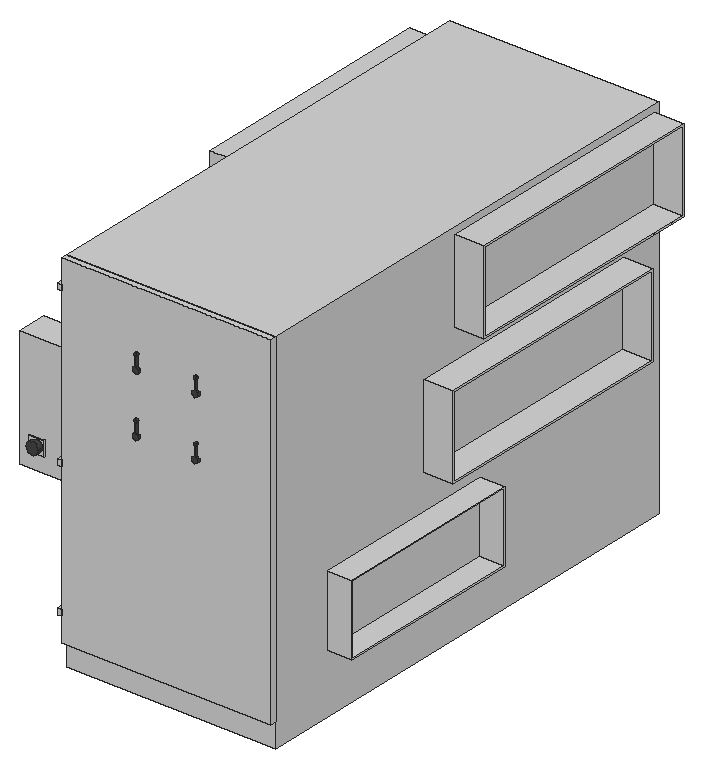
Revit family "Ventilator-RenewAire-Energy-Recovery-HE4XINV-Bypass", category Mechanical Equipment, Revit 2015
Parameters (values of type "2.0 HP 120V Single Phase")
  Voltage = "120"
  Ventilation Type = "Static Plate, Heat and Humidity Transfer"
  Unit Width = "82\""
  Unit Weight = "776-1,196 lbs."
  Unit Length = "50-3/4\""
  Unit Height = "62\""
  Unit = Metal - RenewAire - Anodized - Gray Text
  URL = "www.renewaire.com"
  Typical Airflow Range = "1,000-4,400 CFM"
  Standard Features = "TEFC Premium efficiency motors, Motor starters, Non-Fused Disconnect, 24VAC Transformer/Relay Package"
  Shipping Weight = "1,332 lbs."
  Service Area Visibility = no
  Service Area Box = Interference - RenewAire - Smooth - Light - Gold
  Revit Object Download Link = ""
  Phase = "Single"
  Options = "Integrated programmable controls, Fused disconnect, Double wall construction, Factory supplied and mounted variable frequency drives (VFDs) – one or both airstreams, Class 1 low leakage motorized isolation dampers – OA, RA or both airstreams, Qty. 2 Factory mounted filter alarms, Exterior Paint - white, custom colors, Bypass economizer (see bypass DIM drawing) – dry bulb temperature controls (standard), enthalpy controls (option)"
  Number Motors = "Qty. 2, Belt drive blower/standard motor packages with adjustable sheaves"
  Model = "HE 4XINV- Bypass"
  Minimum Circuit Amps = "45.0 A"
  Maximum Overcurrent Protection = "60 A"
  Max. Shipping Width = "90\""
  Max. Shipping Length = "60\""
  Max. Shipping Height = "70\""
  Manufacturer = "RenewAire LLC"
  Frequency = "60 HZ"
  FLA per Motor = "20.0"
  Description = "Energy Recovery Ventilator"
  Connector Base Material = Glass - With - Transparency
  Accessories = "Filters - MERV 13, 2\" (shipped loose), Digital time clock - wall mount(TC7D-W), in exterior enclosure (TC7D-E), Motion occupancy control - ceiling mount(MC-C), wall mount(MC-W), Carbon dioxide control - wall mount (CO2-W), duct mount(CO2-D), Electric duct heater – EK series (1-60 kW), EH series (61-175kW), Indirect gas-fired duct furnace - GH Series (50-400 MBH), installed downstream of any fans"
  AHRI 1060 Certified Core = "Four L125-G5"
Types (13): name | Voltage | Phase | Minimum Circuit Amps | Maximum Overcurrent Protection | Max. Shipping Height | FLA per Motor
  (no name) | "120" | "Single" | "45.0 A" | "60 A" | "70\"" | "20.0"
  2.0 HP 120V Single Phase | "120" | "Single" | "45.0 A" | "60 A" | "70\"" | "20.0"
  2.0 HP 208-230V Single Phase | "208-230V" | "Single" | "24.3 A" | "35 A" | "70\"" | "10.8-10.0"
  2.0 HP 208-230V Three Phase | "208-230V" | "Three" | "14.9 A" | "20 A" | "70\"" | "6.6-5.8"
  2.0 HP 460V Three Phase | "460V" | "Three" | "6.5 A" | "15 A" | "70\"" | "2.9"
  2.0 HP 575V Three Phase | "575V" | "Three" | "5.4 A" | "15 A" | "50\"" | "2.4"
  3.0 HP 208-230V Single Phase | "208-230V" | "Single" | "33.1 A" | "40 A" | "70\"" | "14.7-14.0"
  3.0 HP 208-230V Three Phase | "208-230V" | "Three" | "21.1 A" | "25 A" | "70\"" | "9.4-8.5"
  3.0 HP 460V Three Phase | "460V" | "Three" | "9.5 A" | "15 A" | "70\"" | "4.2"
  3.0 HP 575V Three Phase | "575V" | "Three" | "7.4 A" | "15 A" | "70\"" | "3.3"
  5.0 HP 208-230V Three Phase | "208-230V" | "Three" | "32.6 A" | "45 A" | "70\"" | "14.5-13.4"
  5.0 HP 460V Three Phase | "460V" | "Three" | "15.1 A" | "20 A" | "70\"" | "6.7"
  5.0 HP 575V Three Phase | "575V" | "Three" | "11.9 A" | "15 A" | "70\"" | "5.3"
Reference planes (in)
  plane 1 "Center (Front/Back)": y = 0
  plane 2: z = 0
  plane 3 "Center (Left/Right)": x = 0
Forms (in)
  Extrusion 1, solid, material "Metal - RenewAire - Anodized - Gray Text" <- "Unit"
    sketch origin (0, 0, 0) x (1, 0, 0) y (0, 0, 1)
      loop
        line (-17.5625, 0) -> (17.5625, 0) -> (17.5625, 62) -> (-17.5625, 62) -> (-17.5625, 0)
    from 40.5625 to -39.9375
  Extrusion 2, solid, material "Metal - RenewAire - Anodized - Gray Text"
    sketch origin (0, 0, 0) x (1, 0, 0) y (0, 0, 1)
      loop
        line (-17.5625, 62) -> (-17.5625, 4) -> (17.5625, 4) -> (17.5625, 62) -> (-17.5625, 62)
    from 41.5625 to 40.5625
  Extrusion 3, solid, material "Metal - RenewAire - Anodized - Gray Text"
    sketch origin (11.125, 0, 8.125) x (1, 0, 0) y (0, 0, 1)
      loop
        line (-28.6875, 37.5) -> (-39, 37.5) -> (-39, 17.5) -> (-28.6875, 17.5) -> (-28.6875, 37.5)
    from 37.5625 to 32.5625
  Extrusion 4, solid, material "Metal - RenewAire - Anodized - Gray Text"
    sketch origin (11.125, 0, 8.125) x (1, 0, 0) y (0, 0, 1)
      loop
        line (-37.375, 22.5) -> (-37.375, 20) -> (-34.875, 20) -> (-34.875, 22.5) -> (-37.375, 22.5)
    from 37.6875 to 37.5625
  Extrusion 5, solid, material "MonitorPorts"
    sketch origin (11.125, 0, 8.125) x (1, 0, 0) y (0, 0, 1)
      loop
        circle (-36.125, 21.25) r 1
    from 38.5625 to 37.5625
  Extrusion 6, solid, material "Metal - RenewAire - Anodized - Gray Text" <- "Unit"
    sketch origin (0, 0, 0) x (0, 1, 0) y (0, 0, 1)
      loop
        line (2.1875, 22.125) -> (-29.9375, 22.125) -> (-29.9375, 10.125) -> (2.1875, 10.125) -> (2.1875, 22.125)
      loop
        line (2.0625, 22) -> (-29.8125, 22) -> (-29.8125, 10.25) -> (2.0625, 10.25) -> (2.0625, 22)
    from 21.8125 to 17.5625
  Extrusion 7, solid, material "Metal - RenewAire - Anodized - Gray Text"
    sketch origin (0, 0, 0) x (0, 1, 0) y (0, 0, 1)
      loop
        line (38.9375, 61) -> (-3.0625, 61) -> (-3.0625, 47) -> (38.9375, 47) -> (38.9375, 61)
      loop
        line (38.6875, 60.75) -> (-2.8125, 60.75) -> (-2.8125, 47.25) -> (38.6875, 47.25) -> (38.6875, 60.75)
    from 22.5625 to 17.5625
  Extrusion 8, solid, material "Metal - RenewAire - Anodized - Gray Text"
    sketch origin (0, 0, 0) x (0, 1, 0) y (0, 0, 1)
      loop
        line (-29.875, 10.125) -> (2.125, 10.125) -> (2.125, 22.125) -> (-29.875, 22.125) -> (-29.875, 10.125)
      loop
        line (2, 22) -> (-29.75, 22) -> (-29.75, 10.25) -> (2, 10.25) -> (2, 22)
    from -17.5625 to -21.8125
  Extrusion 9, solid, material "Metal - RenewAire - Anodized - Gray Text"
    sketch origin (0, 0, 0) x (0, 1, 0) y (0, 0, 1)
      loop
        line (37.8125, 60) -> (-4.1875, 60) -> (-4.1875, 46) -> (37.8125, 46) -> (37.8125, 60)
      loop
        line (37.6875, 59.875) -> (-4.0625, 59.875) -> (-4.0625, 46.125) -> (37.6875, 46.125) -> (37.6875, 59.875)
    from -17.5625 to -22.5625
  Extrusion 10, solid, material "Interference - RenewAire - Smooth - Light - Gold" <- "Service Area Box", visible <- "Service Area Visibility"
    sketch origin (0, 0, 0) x (1, 0, 0) y (0, 0, 1)
      loop
        line (17.5625, 62) -> (-27.875, 62) -> (-27.875, 0) -> (17.5625, 0) -> (17.5625, 62)
    from 75.6875 to 41.5625
  Extrusion 11, solid, material "Metal - RenewAire - Anodized - Gray Text"
    sketch origin (0, 0, 0) x (1, 0, 0) y (0, 1, 0)
      loop
        line (-17.5625, -41.5625) -> (-17.5625, -38.5625) -> (-18.3125, -38.5625) -> (-18.3125, -41.5625) -> (-17.5625, -41.5625)
    from 8 to 9
  Extrusion 12, solid, material "Metal - RenewAire - Anodized - Gray Text"
    sketch origin (0, 0, 0) x (1, 0, 0) y (0, 1, 0)
      loop
        line (-17.5625, -41.5625) -> (-17.5625, -38.5625) -> (-18.3125, -38.5625) -> (-18.3125, -41.5625) -> (-17.5625, -41.5625)
    from 57 to 58
  Extrusion 13, solid, material "Metal - RenewAire - Anodized - Gray Text"
    sketch origin (0, 0, 0) x (1, 0, 0) y (0, 1, 0)
      loop
        line (-17.5625, -41.5625) -> (-17.5625, -38.5625) -> (-18.3125, -38.5625) -> (-18.3125, -41.5625) -> (-17.5625, -41.5625)
    from 30.5 to 31.5
  Extrusion 14, void
    sketch origin (0, 0, 0) x (1, 0, 0) y (0, 1, 0)
      loop
        line (-17.0625, 39.4375) -> (-17.0625, -40.0625) -> (17.0625, -40.0625) -> (17.0625, 39.4375) -> (-17.0625, 39.4375)
    from 4.625 to -1.47792
  Extrusion 15, solid, material "Metal - RenewAire - Anodized - Gray Text"
    sketch origin (0, 0, 0) x (0, 1, 0) y (0, 0, 1)
      loop
        line (-9.5625, 42) -> (-9.5625, 28) -> (32.4375, 28) -> (32.4375, 42) -> (-9.5625, 42)
      loop
        line (-9.3125, 41.75) -> (-9.3125, 28.25) -> (32.1875, 28.25) -> (32.1875, 41.75) -> (-9.3125, 41.75)
    from 22.5625 to 17.5625
Cuts and joins
  Extrusion 14 cuts Extrusion 1
Dimensions and locks (in)
  aligned and locked: level to plane 2
Nested families (in)
  nested 1: "Monitoring Port" at (5, -41.5625, 42.222) x (-1, 0, 0) z (0, 0, -1), type "Monitoring Port"
  nested 2: "Monitoring Port" at (-5, -41.5625, 42.222) x (-1, 0, 0) z (0, 0, -1), type "Monitoring Port"
  nested 3: "Monitoring Port" at (5, -41.5625, 52.222) x (-1, 0, 0) z (0, 0, -1), type "Monitoring Port"
  nested 4: "Monitoring Port" at (-5, -41.5625, 52.222) x (-1, 0, 0) z (0, 0, -1), type "Monitoring Port"
Connectors (in)
  hvac at (17.5625, 17.9375, 54)
    settings: on Extrusion 7, index 1, duct flow 0 CFM, flow factor 0, pres drop 0.00 in-wg, loss coef 0, conn angle 0.00°, conn width 42", conn height 14", conn diameter 24", duct sys type 4, conn prof type 1, flow config 0, flow direction 1, loss method 0, conn ref index -1, conn util no, is conn primary yes, conn desc "OA (Outside Air)"
  hvac at (17.5625, -13.875, 16.125)
    settings: on Extrusion 6, index 2, duct flow 0 CFM, flow factor 0, pres drop 0.00 in-wg, loss coef 0, conn angle 0.00°, conn width 32", conn height 12", conn diameter 24", duct sys type 3, conn prof type 1, flow config 0, flow direction 2, loss method 0, conn ref index -1, conn util no, is conn primary no, conn desc "EA (Exhaust Air)"
  hvac at (-17.5625, 16.8125, 53)
    settings: on Extrusion 9, index 4, duct flow 0 CFM, flow factor 0, pres drop 0.00 in-wg, loss coef 0, conn angle 0.00°, conn width 42", conn height 14", conn diameter 24", duct sys type 2, conn prof type 1, flow config 0, flow direction 1, loss method 0, conn ref index -1, conn util no, is conn primary no, conn desc "RA (Return Air)"
  hvac at (-17.5625, -13.875, 16.125)
    settings: on Extrusion 8, index 5, duct flow 0 CFM, flow factor 0, pres drop 0.00 in-wg, loss coef 0, conn angle 0.00°, conn width 32", conn height 12", conn diameter 24", duct sys type 1, conn prof type 1, flow config 0, flow direction 2, loss method 0, conn ref index -1, conn util no, is conn primary no, conn desc "FA (Fresh Air)"
  hvac at (17.5625, 11.4375, 35)
    settings: on Extrusion 15, index 6, duct flow 0 CFM, flow factor 0, pres drop 0.00 in-wg, loss coef 0, conn angle 0.00°, conn width 42", conn height 14", conn diameter 24", duct sys type 3, conn prof type 1, flow config 0, flow direction 1, loss method 0, conn ref index -1, conn util no, is conn primary no, conn desc "BP (Bypass Air)"
Definition of nested family "Monitoring Port"
  Parameters
    URL = "www.renewaire.com"
    Revit Object Download Link = ""
    Model = ""
    Manufacturer = "RenewAire LLC"
    Description = "Monitoring Ports"
  Reference planes (in)
    plane 1 "Center (Front/Back)": y = 0
    plane 2: z = 0
    plane 3 "Center (Left/Right)": x = 0
  Forms (in)
    Extrusion 1, solid
      sketch origin (-9.43348, 0, 37.76669) x (-1, 0, 0) y (0, 0, -1)
        loop
          line (-9.53348, 35.65895) -> (-9.94097, 35.42369) -> (-9.94097, 34.83769) -> (-9.43348, 34.54469) -> (-8.92599, 34.83769) -> (-8.92599, 35.42369) -> (-9.33348, 35.65895) -> (-9.33348, 37.28756)
          arc (-9.33348, 37.28756) -> (-9.43348, 37.76669) -> (-9.53348, 37.28756) r 0.25
          line (-9.53348, 37.28756) -> (-9.53348, 35.65895)
      from 0 to 0.25
  Dimensions and locks (in)
    aligned and locked: level to plane 2
